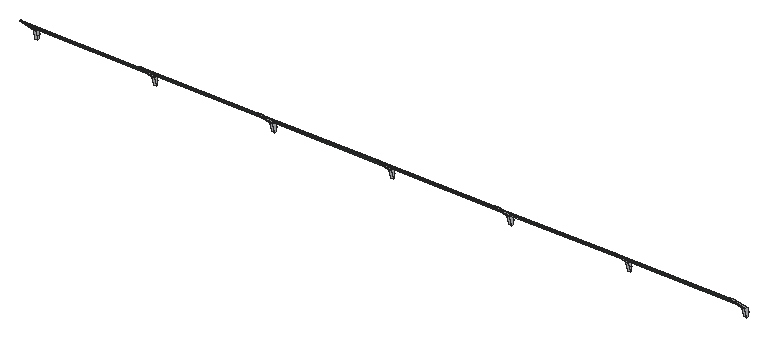
Revit family "Насадки с панелями", category Специальное оборудование, Revit 2019
Family settings
  Размер круглого соединителя = Использовать диаметр
  Тип детали = Нормальный
  При загрузке вырезать с полостями = Нет
  Общий = Нет
  Точка расчета площади = Нет
Parameters (values of type "Насадки L левая")
  Ячейка 50х150 = yes
  Ширина резаной [instance] = if(not(Шаг последней насадки - Отступ панели / 2 > 0 mm), 1 mm, Шаг последней насадки - Отступ панели * 2)  # 2360 mm
  Ширина панели [instance] = 2400 mm
  Ширина 1ой панели [instance] = if([built-in parameter 1001306] < Шаг между насадками, 1 mm, Шаг между насадками - Отступ панели * 2)  # 2400 mm
  Шаг между насадками [instance] = if(Ширина столба > 100 mm, Ширина панели + 40 mm, Ширина панели + Глубина столба)  # 2440 mm
  Тип крепления насадок к панелям [instance] = 3
  Тип крепления насадки к столбу [instance] = 0
  Правая первая [instance] = and(Правая, Видимость 1ой панели)  # no
  Правая = no
  Показать последний [instance] = yes
  Показать первый [instance] = yes
  Шаг последней насадки [instance] = if(if(not([built-in parameter 1001306] > Шаг между насадками), [built-in parameter 1001306], [built-in parameter 1001306] - (rounddown([built-in parameter 1001306] / Шаг между насадками) * Шаг между насадками)) = 0 mm, Шаг между насадками, if(not([built-in parameter 1001306] > Шаг между насадками), [built-in parameter 1001306], [built-in parameter 1001306] - (rounddown([built-in parameter 1001306] / Шаг между насадками) * Шаг между насадками)))  # 2400 mm
  Расчёт ячейки [instance] = if(Ячейка 50х150, 2, 1)  # 2
  Пруток D=6мм [instance] = not(or([Пруток D=4мм], [Пруток D=5мм]))  # no
  Пруток D=5мм [instance] = yes
  Пруток D=4мм [instance] = no
  Показать среднюю насадку [instance] = N панелей = 2  # no
  Отступ панели [instance] = if((Шаг между насадками - Ширина панели) / 2 < 0 mm, 0 mm, (Шаг между насадками - Ширина панели) / 2)  # 20 mm
  Насадка I = no
  Массив правая [instance] = and(Правая, Видимость массива панелей)  # no
  Массив левая [instance] = and(Левая, Видимость массива панелей)  # yes
  Левая первая [instance] = and(Левая, Видимость 1ой панели)  # no
  Левая = yes
  Крепление панелей к насадке скоба 60/80 [instance] = not(Ширина столба < 80 mm)  # no
  Инструкция [instance] = "https://docs.google.com/document/d/1YU2zMc4EH5Wo240p8cADVhto8tMNmUbVgzn2qTnmTt8/edit?usp=sharing"
  Изготовитель = [ADSK_Завод-изготовитель]  # "FENSYS"
  built-in parameter 1001306 [instance] = 14600 mm
  Группа модели = "Насадки"  # constant formula
  Ширина столба [instance] = 60 mm
  Глубина столба [instance] = 40 mm
  Высота панели [instance] = 530 mm
  Расчет D прутка [instance] = if([Пруток D=4мм], 1, if([Пруток D=5мм], 2, 0))  # 2
  Видимость массива насадок [instance] = N панелей > 2  # yes
  Видимость массива панелей [instance] = N панелей > 2  # yes
  Видимость 1ой панели [instance] = N панелей = 2  # no
  Y насадка = and(Левая, Правая)  # no
  URL = "https://www.fensys.ru/oprosnyy-list/"
  N насадок в массиве [instance] = if((N панелей - 1) < 2, 2, N панелей - 1)  # 5
  N панелей в массиве [instance] = if(N панелей > 2, N панелей - 1, 2)  # 5
  N панелей [instance] = if([built-in parameter 1001306] > Шаг между насадками, roundup([built-in parameter 1001306] / Шаг между насадками), 1)  # 6
  ADSK_Размер_Ширина [instance] = Отступ панели * 2  # 40 mm
  ADSK_Размер_Длина [instance] = [built-in parameter 1001306]  # 14600 mm
  ADSK_Наименование = "Насадки на ограждения L-образные"
  ADSK_Завод-изготовитель = "FENSYS"  # constant formula
  ADSK_Единица измерения = "м."  # constant formula
Types (3, lengths in mm): name | Тип крепления насадки к столбу | Правая | Массив правая | Массив левая | Левая | Крепление панелей к насадке скоба 60/80 | Ширина столба | Y насадка | ADSK_Наименование
  Насадки V | 1 | yes | yes | yes | yes | no | 60 | yes | "Насадки на ограждения V-образные"
  Насадки L левая | 0 | no | no | yes | yes | no | 60 | no | "Насадки на ограждения L-образные"
  Насадки L правая | 0 | yes | yes | no | no | yes | 80 | no | "Насадки на ограждения L-образные"
Reference planes
  plane 1 "По центру (Вперед/Назад)": y = 0
  plane 2: z = 0
  plane 3 "Слева": x = 0
  plane 4 "Справа": x = 14600
  plane 5: x = 2440
  plane 6: x = 4880
  plane 7 "ось предпоследнего столба": x = 12200
  plane 8: y = 30
  plane 9: y = -30
Lines and regions (mm)
  reference lines
    curve 1: line (0, 0, 0) -> (14600, 0, 0)
Dimensions and locks
  "built-in parameter 1001306": plane 3 "Слева" to plane 4 "Справа"
  equal spacing: group 1, group 2, group 7, group 8, group 9  (x3)
  "Шаг между насадками": plane 3 "Слева" to plane 5
  "Шаг между насадками": plane 5 to plane 6
  "Шаг последней насадки": plane 7 "ось предпоследнего столба" to plane 4 "Справа"
  "Ширина столба": plane 8 to plane 9
  equal spacing: plane 8, plane 1 "По центру (Вперед/Назад)", plane 9
  plane 3 "Слева" to plane 5 = 2440 mm
  equal spacing: group 3, group 4, group 10, group 11, group 12  (x3)
  equal spacing: group 5, group 6, group 13, group 14, group 15  (x3)
  aligned and locked: plane 4 "Справа" to curve 1
  aligned and locked: plane 1 "По центру (Вперед/Назад)" to curve 1
  aligned and locked: plane 3 "Слева" to curve 1
  aligned and locked: level to plane 2
  aligned and locked: plane 3 "Слева" to nested 1
  aligned and locked: plane 1 "По центру (Вперед/Назад)" to nested 1
  aligned and locked: curve 1 to nested 3
  aligned and locked: plane 4 "Справа" to nested 3
  aligned and locked: plane 5 to nested 4
  aligned and locked: plane 6 to nested 5
  aligned and locked: curve 1 to nested 2
  aligned and locked: plane 5 to nested 2
  aligned and locked: plane 1 "По центру (Вперед/Назад)" to nested 4
  aligned and locked: plane 1 "По центру (Вперед/Назад)" to nested 5
  aligned and locked: plane 1 "По центру (Вперед/Назад)" to nested 3
  aligned and locked: nested 7 to plane 4 "Справа"
  aligned and locked: plane 4 "Справа" to nested 6
  aligned and locked: plane 5 to nested 8
  aligned and locked: nested 9 to plane 5
  aligned and locked: nested 10 to plane 5
  aligned and locked: nested 12 to plane 5
  aligned and locked: nested 12 to plane 9
  aligned and locked: plane 5 to nested 13
  aligned and locked: nested 13 to plane 8
  aligned and locked: plane 9 to nested 12
  aligned and locked: nested 11 to plane 8
  aligned and locked: plane 8 to nested 6
  aligned and locked: nested 10 to plane 9
  aligned and locked: plane 9 to nested 7
  aligned and locked: nested 8 to plane 8
  aligned and locked: nested 9 to plane 9
  aligned and locked: plane 3 "Слева" to nested 11
Nested families
  nested 1: "В_Сборка насадок" at (0, 0, 0), visible <- "Показать первый", Левая <- "Левая", Правая <- "Правая", Глубина столба <- "Ширина столба", Тип крепежа насадок к панелям <- "Тип крепления насадок к панелям", Тип крепления насадок к столбам <- "Тип крепления насадки к столбу", Насадка I ус 510 S2 <- "Насадка I", Y насадка <- "Y насадка", type "Сборка насадок"
    with Ф СББ 500 mm, Тип крепления насадок к столбам 0, Тип крепежа насадок к панелям 3, Смещение СББ 45 mm, СББ no, Правая no, Насадка I ус 510 S2 no, Левая yes, Глубина столба 60 mm, Y насадка no
  nested 2: "В_Сборка насадок" at (2440, 0, 0), visible <- "Показать среднюю насадку", Левая <- "Левая", Правая <- "Правая", Глубина столба <- "Ширина столба", Тип крепежа насадок к панелям <- "Тип крепления насадок к панелям", Тип крепления насадок к столбам <- "Тип крепления насадки к столбу", Насадка I ус 510 S2 <- "Насадка I", Y насадка <- "Y насадка", type "Сборка насадок"
    with Ф СББ 500 mm, Тип крепления насадок к столбам 0, Тип крепежа насадок к панелям 3, Смещение СББ 45 mm, СББ no, Правая no, Насадка I ус 510 S2 no, Левая yes, Глубина столба 60 mm, Y насадка no
  nested 3: "В_Сборка насадок" at (14600, 0, 0), visible <- "Показать последний", Левая <- "Левая", Правая <- "Правая", Глубина столба <- "Ширина столба", Тип крепежа насадок к панелям <- "Тип крепления насадок к панелям", Тип крепления насадок к столбам <- "Тип крепления насадки к столбу", Насадка I ус 510 S2 <- "Насадка I", Y насадка <- "Y насадка", type "Сборка насадок"
    with Ф СББ 500 mm, Тип крепления насадок к столбам 0, Тип крепежа насадок к панелям 3, Смещение СББ 45 mm, СББ no, Правая no, Насадка I ус 510 S2 no, Левая yes, Глубина столба 60 mm, Y насадка no
  nested 4: "В_Сборка насадок" at (2440, 0, 0), visible <- "Видимость массива насадок", Левая <- "Левая", Правая <- "Правая", Глубина столба <- "Ширина столба", Тип крепежа насадок к панелям <- "Тип крепления насадок к панелям", Тип крепления насадок к столбам <- "Тип крепления насадки к столбу", Насадка I ус 510 S2 <- "Насадка I", Y насадка <- "Y насадка", type "Сборка насадок"
    with Ф СББ 500 mm, Тип крепления насадок к столбам 0, Тип крепежа насадок к панелям 3, Смещение СББ 45 mm, СББ no, Правая no, Насадка I ус 510 S2 no, Левая yes, Глубина столба 60 mm, Y насадка no
  nested 5: "В_Сборка насадок" at (4880, 0, 0), visible <- "Видимость массива насадок", Левая <- "Левая", Правая <- "Правая", Глубина столба <- "Ширина столба", Тип крепежа насадок к панелям <- "Тип крепления насадок к панелям", Тип крепления насадок к столбам <- "Тип крепления насадки к столбу", Насадка I ус 510 S2 <- "Насадка I", Y насадка <- "Y насадка", type "Сборка насадок"
    with Ф СББ 500 mm, Тип крепления насадок к столбам 0, Тип крепежа насадок к панелям 3, Смещение СББ 45 mm, СББ no, Правая no, Насадка I ус 510 S2 no, Левая yes, Глубина столба 60 mm, Y насадка no
  nested 6: "В_Панель для насадки" at (13400, 30, -600), ADSK_Размер_Ширина <- "Ширина резаной", ADSK_Размер_Высота <- "Высота панели", visible <- "Правая", Отступ панели <- "Отступ панели", ADSK_Комплект <- "Группа модели", Размер ячейки <- "Расчёт ячейки", Размер прутка <- "Расчет D прутка", type "Панель"
    with Таблица масса "Панель масса", Размер ячейки 2, Размер прутка 2, Отступ панели 20 mm, Крепеж в массиве 2, N крепежа в массиве 1, ADSK_Размер_Ширина 2360 mm, ADSK_Размер_Высота 530 mm, ADSK_Примечание "", ADSK_Обозначение "GUARD-T", ADSK_Наименование "Панель под подрезку", ADSK_Масса 0, ADSK_Комплект "Насадки", ADSK_Код изделия ""
  nested 7: "В_Панель для насадки" at (13400, -30, -600), ADSK_Размер_Ширина <- "Ширина резаной", ADSK_Размер_Высота <- "Высота панели", visible <- "Левая", Отступ панели <- "Отступ панели", ADSK_Комплект <- "Группа модели", Размер ячейки <- "Расчёт ячейки", Размер прутка <- "Расчет D прутка", type "Панель"
    with Таблица масса "Панель масса", Размер ячейки 2, Размер прутка 2, Отступ панели 20 mm, Крепеж в массиве 2, N крепежа в массиве 1, ADSK_Размер_Ширина 2360 mm, ADSK_Размер_Высота 530 mm, ADSK_Примечание "", ADSK_Обозначение "GUARD-T", ADSK_Наименование "Панель под подрезку", ADSK_Масса 0, ADSK_Комплект "Насадки", ADSK_Код изделия ""
  nested 8: "В_Панель для насадки" at (1220, 30, -600), ADSK_Размер_Ширина <- "Ширина 1ой панели", ADSK_Размер_Высота <- "Высота панели", visible <- "Правая первая", Отступ панели <- "Отступ панели", ADSK_Комплект <- "Группа модели", Размер ячейки <- "Расчёт ячейки", Размер прутка <- "Расчет D прутка", type "Панель"
    with Таблица масса "Панель масса", Размер ячейки 2, Размер прутка 2, Отступ панели 20 mm, Крепеж в массиве 2, N крепежа в массиве 1, ADSK_Размер_Ширина 2400 mm, ADSK_Размер_Высота 530 mm, ADSK_Примечание "", ADSK_Обозначение "GUARD-T", ADSK_Наименование "Панель 3D серии GUARD-T: HxW 530x2405 (+-2) мм, пруток D=5 мм, ячейка = 50х150 мм, V-образных изгибов 2", ADSK_Масса 6.48, ADSK_Комплект "Насадки", ADSK_Код изделия "26509"
  nested 9: "В_Панель для насадки" at (1220, -30, -600), ADSK_Размер_Ширина <- "Ширина 1ой панели", ADSK_Размер_Высота <- "Высота панели", visible <- "Левая первая", Отступ панели <- "Отступ панели", ADSK_Комплект <- "Группа модели", Размер ячейки <- "Расчёт ячейки", Размер прутка <- "Расчет D прутка", type "Панель"
    with Таблица масса "Панель масса", Размер ячейки 2, Размер прутка 2, Отступ панели 20 mm, Крепеж в массиве 2, N крепежа в массиве 1, ADSK_Размер_Ширина 2400 mm, ADSK_Размер_Высота 530 mm, ADSK_Примечание "", ADSK_Обозначение "GUARD-T", ADSK_Наименование "Панель 3D серии GUARD-T: HxW 530x2405 (+-2) мм, пруток D=5 мм, ячейка = 50х150 мм, V-образных изгибов 2", ADSK_Масса 6.48, ADSK_Комплект "Насадки", ADSK_Код изделия "26509"
  nested 10: "В_Панель для насадки" at (1220, -30, -600), ADSK_Размер_Ширина <- "Ширина панели", ADSK_Размер_Высота <- "Высота панели", visible <- "Массив левая", Отступ панели <- "Отступ панели", ADSK_Комплект <- "Группа модели", Размер ячейки <- "Расчёт ячейки", Размер прутка <- "Расчет D прутка", type "Панель"
    with Таблица масса "Панель масса", Размер ячейки 2, Размер прутка 2, Отступ панели 20 mm, Крепеж в массиве 2, N крепежа в массиве 1, ADSK_Размер_Ширина 2400 mm, ADSK_Размер_Высота 530 mm, ADSK_Примечание "", ADSK_Обозначение "GUARD-T", ADSK_Наименование "Панель 3D серии GUARD-T: HxW 530x2405 (+-2) мм, пруток D=5 мм, ячейка = 50х150 мм, V-образных изгибов 2", ADSK_Масса 6.48, ADSK_Комплект "Насадки", ADSK_Код изделия "26509"
  nested 11: "В_Панель для насадки" at (1220, 30, -600), ADSK_Размер_Ширина <- "Ширина панели", ADSK_Размер_Высота <- "Высота панели", visible <- "Массив правая", Отступ панели <- "Отступ панели", ADSK_Комплект <- "Группа модели", Размер ячейки <- "Расчёт ячейки", Размер прутка <- "Расчет D прутка", type "Панель"
    with Таблица масса "Панель масса", Размер ячейки 2, Размер прутка 2, Отступ панели 20 mm, Крепеж в массиве 2, N крепежа в массиве 1, ADSK_Размер_Ширина 2400 mm, ADSK_Размер_Высота 530 mm, ADSK_Примечание "", ADSK_Обозначение "GUARD-T", ADSK_Наименование "Панель 3D серии GUARD-T: HxW 530x2405 (+-2) мм, пруток D=5 мм, ячейка = 50х150 мм, V-образных изгибов 2", ADSK_Масса 6.48, ADSK_Комплект "Насадки", ADSK_Код изделия "26509"
  nested 12: "В_Панель для насадки" at (3660, -30, -600), ADSK_Размер_Ширина <- "Ширина панели", ADSK_Размер_Высота <- "Высота панели", visible <- "Массив левая", Отступ панели <- "Отступ панели", ADSK_Комплект <- "Группа модели", Размер ячейки <- "Расчёт ячейки", Размер прутка <- "Расчет D прутка", type "Панель"
    with Таблица масса "Панель масса", Размер ячейки 2, Размер прутка 2, Отступ панели 20 mm, Крепеж в массиве 2, N крепежа в массиве 1, ADSK_Размер_Ширина 2400 mm, ADSK_Размер_Высота 530 mm, ADSK_Примечание "", ADSK_Обозначение "GUARD-T", ADSK_Наименование "Панель 3D серии GUARD-T: HxW 530x2405 (+-2) мм, пруток D=5 мм, ячейка = 50х150 мм, V-образных изгибов 2", ADSK_Масса 6.48, ADSK_Комплект "Насадки", ADSK_Код изделия "26509"
  nested 13: "В_Панель для насадки" at (3660, 30, -600), ADSK_Размер_Ширина <- "Ширина панели", ADSK_Размер_Высота <- "Высота панели", visible <- "Массив правая", Отступ панели <- "Отступ панели", ADSK_Комплект <- "Группа модели", Размер ячейки <- "Расчёт ячейки", Размер прутка <- "Расчет D прутка", type "Панель"
    with Таблица масса "Панель масса", Размер ячейки 2, Размер прутка 2, Отступ панели 20 mm, Крепеж в массиве 2, N крепежа в массиве 1, ADSK_Размер_Ширина 2400 mm, ADSK_Размер_Высота 530 mm, ADSK_Примечание "", ADSK_Обозначение "GUARD-T", ADSK_Наименование "Панель 3D серии GUARD-T: HxW 530x2405 (+-2) мм, пруток D=5 мм, ячейка = 50х150 мм, V-образных изгибов 2", ADSK_Масса 6.48, ADSK_Комплект "Насадки", ADSK_Код изделия "26509"
  nested 14: "В_Сборка насадок" at (7320, 0, 0), visible <- "Видимость массива насадок", Левая <- "Левая", Правая <- "Правая", Глубина столба <- "Ширина столба", Тип крепежа насадок к панелям <- "Тип крепления насадок к панелям", Тип крепления насадок к столбам <- "Тип крепления насадки к столбу", Насадка I ус 510 S2 <- "Насадка I", Y насадка <- "Y насадка", type "Сборка насадок"
    with Ф СББ 500 mm, Тип крепления насадок к столбам 0, Тип крепежа насадок к панелям 3, Смещение СББ 45 mm, СББ no, Правая no, Насадка I ус 510 S2 no, Левая yes, Глубина столба 60 mm, Y насадка no
  nested 15: "В_Сборка насадок" at (9760, 0, 0), visible <- "Видимость массива насадок", Левая <- "Левая", Правая <- "Правая", Глубина столба <- "Ширина столба", Тип крепежа насадок к панелям <- "Тип крепления насадок к панелям", Тип крепления насадок к столбам <- "Тип крепления насадки к столбу", Насадка I ус 510 S2 <- "Насадка I", Y насадка <- "Y насадка", type "Сборка насадок"
    with Ф СББ 500 mm, Тип крепления насадок к столбам 0, Тип крепежа насадок к панелям 3, Смещение СББ 45 mm, СББ no, Правая no, Насадка I ус 510 S2 no, Левая yes, Глубина столба 60 mm, Y насадка no
  nested 16: "В_Сборка насадок" at (12200, 0, 0), visible <- "Видимость массива насадок", Левая <- "Левая", Правая <- "Правая", Глубина столба <- "Ширина столба", Тип крепежа насадок к панелям <- "Тип крепления насадок к панелям", Тип крепления насадок к столбам <- "Тип крепления насадки к столбу", Насадка I ус 510 S2 <- "Насадка I", Y насадка <- "Y насадка", type "Сборка насадок"
    with Ф СББ 500 mm, Тип крепления насадок к столбам 0, Тип крепежа насадок к панелям 3, Смещение СББ 45 mm, СББ no, Правая no, Насадка I ус 510 S2 no, Левая yes, Глубина столба 60 mm, Y насадка no
  nested 17: "В_Панель для насадки" at (6100, -30, -600), ADSK_Размер_Ширина <- "Ширина панели", ADSK_Размер_Высота <- "Высота панели", visible <- "Массив левая", Отступ панели <- "Отступ панели", ADSK_Комплект <- "Группа модели", Размер ячейки <- "Расчёт ячейки", Размер прутка <- "Расчет D прутка", type "Панель"
    with Таблица масса "Панель масса", Размер ячейки 2, Размер прутка 2, Отступ панели 20 mm, Крепеж в массиве 2, N крепежа в массиве 1, ADSK_Размер_Ширина 2400 mm, ADSK_Размер_Высота 530 mm, ADSK_Примечание "", ADSK_Обозначение "GUARD-T", ADSK_Наименование "Панель 3D серии GUARD-T: HxW 530x2405 (+-2) мм, пруток D=5 мм, ячейка = 50х150 мм, V-образных изгибов 2", ADSK_Масса 6.48, ADSK_Комплект "Насадки", ADSK_Код изделия "26509"
  nested 18: "В_Панель для насадки" at (8540, -30, -600), ADSK_Размер_Ширина <- "Ширина панели", ADSK_Размер_Высота <- "Высота панели", visible <- "Массив левая", Отступ панели <- "Отступ панели", ADSK_Комплект <- "Группа модели", Размер ячейки <- "Расчёт ячейки", Размер прутка <- "Расчет D прутка", type "Панель"
    with Таблица масса "Панель масса", Размер ячейки 2, Размер прутка 2, Отступ панели 20 mm, Крепеж в массиве 2, N крепежа в массиве 1, ADSK_Размер_Ширина 2400 mm, ADSK_Размер_Высота 530 mm, ADSK_Примечание "", ADSK_Обозначение "GUARD-T", ADSK_Наименование "Панель 3D серии GUARD-T: HxW 530x2405 (+-2) мм, пруток D=5 мм, ячейка = 50х150 мм, V-образных изгибов 2", ADSK_Масса 6.48, ADSK_Комплект "Насадки", ADSK_Код изделия "26509"
  nested 19: "В_Панель для насадки" at (10980, -30, -600), ADSK_Размер_Ширина <- "Ширина панели", ADSK_Размер_Высота <- "Высота панели", visible <- "Массив левая", Отступ панели <- "Отступ панели", ADSK_Комплект <- "Группа модели", Размер ячейки <- "Расчёт ячейки", Размер прутка <- "Расчет D прутка", type "Панель"
    with Таблица масса "Панель масса", Размер ячейки 2, Размер прутка 2, Отступ панели 20 mm, Крепеж в массиве 2, N крепежа в массиве 1, ADSK_Размер_Ширина 2400 mm, ADSK_Размер_Высота 530 mm, ADSK_Примечание "", ADSK_Обозначение "GUARD-T", ADSK_Наименование "Панель 3D серии GUARD-T: HxW 530x2405 (+-2) мм, пруток D=5 мм, ячейка = 50х150 мм, V-образных изгибов 2", ADSK_Масса 6.48, ADSK_Комплект "Насадки", ADSK_Код изделия "26509"
  nested 20: "В_Панель для насадки" at (6100, 30, -600), ADSK_Размер_Ширина <- "Ширина панели", ADSK_Размер_Высота <- "Высота панели", visible <- "Массив правая", Отступ панели <- "Отступ панели", ADSK_Комплект <- "Группа модели", Размер ячейки <- "Расчёт ячейки", Размер прутка <- "Расчет D прутка", type "Панель"
    with Таблица масса "Панель масса", Размер ячейки 2, Размер прутка 2, Отступ панели 20 mm, Крепеж в массиве 2, N крепежа в массиве 1, ADSK_Размер_Ширина 2400 mm, ADSK_Размер_Высота 530 mm, ADSK_Примечание "", ADSK_Обозначение "GUARD-T", ADSK_Наименование "Панель 3D серии GUARD-T: HxW 530x2405 (+-2) мм, пруток D=5 мм, ячейка = 50х150 мм, V-образных изгибов 2", ADSK_Масса 6.48, ADSK_Комплект "Насадки", ADSK_Код изделия "26509"
  nested 21: "В_Панель для насадки" at (8540, 30, -600), ADSK_Размер_Ширина <- "Ширина панели", ADSK_Размер_Высота <- "Высота панели", visible <- "Массив правая", Отступ панели <- "Отступ панели", ADSK_Комплект <- "Группа модели", Размер ячейки <- "Расчёт ячейки", Размер прутка <- "Расчет D прутка", type "Панель"
    with Таблица масса "Панель масса", Размер ячейки 2, Размер прутка 2, Отступ панели 20 mm, Крепеж в массиве 2, N крепежа в массиве 1, ADSK_Размер_Ширина 2400 mm, ADSK_Размер_Высота 530 mm, ADSK_Примечание "", ADSK_Обозначение "GUARD-T", ADSK_Наименование "Панель 3D серии GUARD-T: HxW 530x2405 (+-2) мм, пруток D=5 мм, ячейка = 50х150 мм, V-образных изгибов 2", ADSK_Масса 6.48, ADSK_Комплект "Насадки", ADSK_Код изделия "26509"
  nested 22: "В_Панель для насадки" at (10980, 30, -600), ADSK_Размер_Ширина <- "Ширина панели", ADSK_Размер_Высота <- "Высота панели", visible <- "Массив правая", Отступ панели <- "Отступ панели", ADSK_Комплект <- "Группа модели", Размер ячейки <- "Расчёт ячейки", Размер прутка <- "Расчет D прутка", type "Панель"
    with Таблица масса "Панель масса", Размер ячейки 2, Размер прутка 2, Отступ панели 20 mm, Крепеж в массиве 2, N крепежа в массиве 1, ADSK_Размер_Ширина 2400 mm, ADSK_Размер_Высота 530 mm, ADSK_Примечание "", ADSK_Обозначение "GUARD-T", ADSK_Наименование "Панель 3D серии GUARD-T: HxW 530x2405 (+-2) мм, пруток D=5 мм, ячейка = 50х150 мм, V-образных изгибов 2", ADSK_Масса 6.48, ADSK_Комплект "Насадки", ADSK_Код изделия "26509"
  nested 23: "В_Крепеж" at (0, 0, -104.228), type "Крепеж"
    with Ширина столба 0 mm, Тип крепежа 0, Путь к таблице "Таблица крепежей", Видимость метизов yes, Y насадка no, ADSK_Обозначение "Крепеж", ADSK_Наименование "Хомут специальный 80", ADSK_Комплект "Насадки", ADSK_Количество 1, ADSK_Код изделия "15515К"
  nested 24: "В_Крепеж" at (2440, 0, -104.228), type "Крепеж"
    with Ширина столба 0 mm, Тип крепежа 0, Путь к таблице "Таблица крепежей", Видимость метизов yes, Y насадка no, ADSK_Обозначение "Крепеж", ADSK_Наименование "Хомут специальный 80", ADSK_Комплект "Насадки", ADSK_Количество 1, ADSK_Код изделия "15515К"
  nested 25: "В_Крепеж" at (14600, 0, -104.228), type "Крепеж"
    with Ширина столба 0 mm, Тип крепежа 0, Путь к таблице "Таблица крепежей", Видимость метизов yes, Y насадка no, ADSK_Обозначение "Крепеж", ADSK_Наименование "Хомут специальный 80", ADSK_Комплект "Насадки", ADSK_Количество 1, ADSK_Код изделия "15515К"
  nested 26: "В_Крепеж" at (12200, 0, -104.228), type "Крепеж"
    with Ширина столба 0 mm, Тип крепежа 0, Путь к таблице "Таблица крепежей", Видимость метизов yes, Y насадка no, ADSK_Обозначение "Крепеж", ADSK_Наименование "Хомут специальный 80", ADSK_Комплект "Насадки", ADSK_Количество 1, ADSK_Код изделия "15515К"
  nested 27: "В_Крепеж" at (2440, 0, -104.228), type "Крепеж"
    with Ширина столба 0 mm, Тип крепежа 0, Путь к таблице "Таблица крепежей", Видимость метизов yes, Y насадка no, ADSK_Обозначение "Крепеж", ADSK_Наименование "Хомут специальный 80", ADSK_Комплект "Насадки", ADSK_Количество 1, ADSK_Код изделия "15515К"
  nested 28: "В_Крепеж" at (4880, 0, -104.228), type "Крепеж"
    with Ширина столба 0 mm, Тип крепежа 0, Путь к таблице "Таблица крепежей", Видимость метизов yes, Y насадка no, ADSK_Обозначение "Крепеж", ADSK_Наименование "Хомут специальный 80", ADSK_Комплект "Насадки", ADSK_Количество 1, ADSK_Код изделия "15515К"
  nested 29: "В_Крепеж" at (7320, 0, -104.228), type "Крепеж"
    with Ширина столба 0 mm, Тип крепежа 0, Путь к таблице "Таблица крепежей", Видимость метизов yes, Y насадка no, ADSK_Обозначение "Крепеж", ADSK_Наименование "Хомут специальный 80", ADSK_Комплект "Насадки", ADSK_Количество 1, ADSK_Код изделия "15515К"
  nested 30: "В_Крепеж" at (9760, 0, -104.228), type "Крепеж"
    with Ширина столба 0 mm, Тип крепежа 0, Путь к таблице "Таблица крепежей", Видимость метизов yes, Y насадка no, ADSK_Обозначение "Крепеж", ADSK_Наименование "Хомут специальный 80", ADSK_Комплект "Насадки", ADSK_Количество 1, ADSK_Код изделия "15515К"
  nested 31: "В_Крепеж" at (0, 0, -104.228), type "Крепеж"
    with Ширина столба 0 mm, Тип крепежа 0, Путь к таблице "Таблица крепежей", Видимость метизов yes, Y насадка no, ADSK_Обозначение "Крепеж", ADSK_Наименование "Хомут специальный 80", ADSK_Комплект "Насадки", ADSK_Количество 1, ADSK_Код изделия "15515К"
  nested 32: "В_Крепеж" at (2440, 0, -104.228), type "Крепеж"
    with Ширина столба 0 mm, Тип крепежа 0, Путь к таблице "Таблица крепежей", Видимость метизов yes, Y насадка no, ADSK_Обозначение "Крепеж", ADSK_Наименование "Хомут специальный 80", ADSK_Комплект "Насадки", ADSK_Количество 1, ADSK_Код изделия "15515К"
  nested 33: "В_Крепеж" at (14600, 0, -104.228), type "Крепеж"
    with Ширина столба 0 mm, Тип крепежа 0, Путь к таблице "Таблица крепежей", Видимость метизов yes, Y насадка no, ADSK_Обозначение "Крепеж", ADSK_Наименование "Хомут специальный 80", ADSK_Комплект "Насадки", ADSK_Количество 1, ADSK_Код изделия "15515К"
  nested 34: "В_Крепеж" at (4880, 0, -104.228), type "Крепеж"
    with Ширина столба 0 mm, Тип крепежа 0, Путь к таблице "Таблица крепежей", Видимость метизов yes, Y насадка no, ADSK_Обозначение "Крепеж", ADSK_Наименование "Хомут специальный 80", ADSK_Комплект "Насадки", ADSK_Количество 1, ADSK_Код изделия "15515К"
  nested 35: "В_Метизы" at (20, 0, -104.228), type "Метизы"
    with Тип крепежа 0, Путь к таблице "Таблица метизов", ADSK_Наименование "Комплект крепежных элементов для хомута", ADSK_Комплект "Насадки", ADSK_Количество 1, ADSK_Код изделия "8920"
  nested 36: "В_Метизы" at (20, 0, -104.228), type "Метизы"
    with Тип крепежа 0, Путь к таблице "Таблица метизов", ADSK_Наименование "Комплект крепежных элементов для хомута", ADSK_Комплект "Насадки", ADSK_Количество 1, ADSK_Код изделия "8920"
  nested 37: "В_Метизы" at (2460, 0, -104.228), type "Метизы"
    with Тип крепежа 0, Путь к таблице "Таблица метизов", ADSK_Наименование "Комплект крепежных элементов для хомута", ADSK_Комплект "Насадки", ADSK_Количество 1, ADSK_Код изделия "8920"
  nested 38: "В_Метизы" at (2460, 0, -104.228), type "Метизы"
    with Тип крепежа 0, Путь к таблице "Таблица метизов", ADSK_Наименование "Комплект крепежных элементов для хомута", ADSK_Комплект "Насадки", ADSK_Количество 1, ADSK_Код изделия "8920"
  nested 39: "В_Метизы" at (14620, 0, -104.228), type "Метизы"
    with Тип крепежа 0, Путь к таблице "Таблица метизов", ADSK_Наименование "Комплект крепежных элементов для хомута", ADSK_Комплект "Насадки", ADSK_Количество 1, ADSK_Код изделия "8920"
  nested 40: "В_Метизы" at (14620, 0, -104.228), type "Метизы"
    with Тип крепежа 0, Путь к таблице "Таблица метизов", ADSK_Наименование "Комплект крепежных элементов для хомута", ADSK_Комплект "Насадки", ADSK_Количество 1, ADSK_Код изделия "8920"
  nested 41: "В_Метизы" at (4900, 0, -104.228), type "Метизы"
    with Тип крепежа 0, Путь к таблице "Таблица метизов", ADSK_Наименование "Комплект крепежных элементов для хомута", ADSK_Комплект "Насадки", ADSK_Количество 1, ADSK_Код изделия "8920"
  nested 42: "В_Метизы" at (4900, 0, -104.228), type "Метизы"
    with Тип крепежа 0, Путь к таблице "Таблица метизов", ADSK_Наименование "Комплект крепежных элементов для хомута", ADSK_Комплект "Насадки", ADSK_Количество 1, ADSK_Код изделия "8920"
  nested 43: "В_Крепеж" at (2440, 0, -104.228), type "Крепеж"
    with Ширина столба 0 mm, Тип крепежа 0, Путь к таблице "Таблица крепежей", Видимость метизов yes, Y насадка no, ADSK_Обозначение "Крепеж", ADSK_Наименование "Хомут специальный 80", ADSK_Комплект "Насадки", ADSK_Количество 1, ADSK_Код изделия "15515К"
  nested 44: "В_Метизы" at (2460, 0, -104.228), type "Метизы"
    with Тип крепежа 0, Путь к таблице "Таблица метизов", ADSK_Наименование "Комплект крепежных элементов для хомута", ADSK_Комплект "Насадки", ADSK_Количество 1, ADSK_Код изделия "8920"
  nested 45: "В_Метизы" at (2460, 0, -104.228), type "Метизы"
    with Тип крепежа 0, Путь к таблице "Таблица метизов", ADSK_Наименование "Комплект крепежных элементов для хомута", ADSK_Комплект "Насадки", ADSK_Количество 1, ADSK_Код изделия "8920"
  nested 46: "В_Крепеж" at (7320, 0, -104.228), type "Крепеж"
    with Ширина столба 0 mm, Тип крепежа 0, Путь к таблице "Таблица крепежей", Видимость метизов yes, Y насадка no, ADSK_Обозначение "Крепеж", ADSK_Наименование "Хомут специальный 80", ADSK_Комплект "Насадки", ADSK_Количество 1, ADSK_Код изделия "15515К"
  nested 47: "В_Метизы" at (7340, 0, -104.228), type "Метизы"
    with Тип крепежа 0, Путь к таблице "Таблица метизов", ADSK_Наименование "Комплект крепежных элементов для хомута", ADSK_Комплект "Насадки", ADSK_Количество 1, ADSK_Код изделия "8920"
  nested 48: "В_Метизы" at (7340, 0, -104.228), type "Метизы"
    with Тип крепежа 0, Путь к таблице "Таблица метизов", ADSK_Наименование "Комплект крепежных элементов для хомута", ADSK_Комплект "Насадки", ADSK_Количество 1, ADSK_Код изделия "8920"
  nested 49: "В_Крепеж" at (9760, 0, -104.228), type "Крепеж"
    with Ширина столба 0 mm, Тип крепежа 0, Путь к таблице "Таблица крепежей", Видимость метизов yes, Y насадка no, ADSK_Обозначение "Крепеж", ADSK_Наименование "Хомут специальный 80", ADSK_Комплект "Насадки", ADSK_Количество 1, ADSK_Код изделия "15515К"
  nested 50: "В_Метизы" at (9780, 0, -104.228), type "Метизы"
    with Тип крепежа 0, Путь к таблице "Таблица метизов", ADSK_Наименование "Комплект крепежных элементов для хомута", ADSK_Комплект "Насадки", ADSK_Количество 1, ADSK_Код изделия "8920"
  nested 51: "В_Метизы" at (9780, 0, -104.228), type "Метизы"
    with Тип крепежа 0, Путь к таблице "Таблица метизов", ADSK_Наименование "Комплект крепежных элементов для хомута", ADSK_Комплект "Насадки", ADSK_Количество 1, ADSK_Код изделия "8920"
  nested 52: "В_Крепеж" at (12200, 0, -104.228), type "Крепеж"
    with Ширина столба 0 mm, Тип крепежа 0, Путь к таблице "Таблица крепежей", Видимость метизов yes, Y насадка no, ADSK_Обозначение "Крепеж", ADSK_Наименование "Хомут специальный 80", ADSK_Комплект "Насадки", ADSK_Количество 1, ADSK_Код изделия "15515К"
  nested 53: "В_Метизы" at (12220, 0, -104.228), type "Метизы"
    with Тип крепежа 0, Путь к таблице "Таблица метизов", ADSK_Наименование "Комплект крепежных элементов для хомута", ADSK_Комплект "Насадки", ADSK_Количество 1, ADSK_Код изделия "8920"
  nested 54: "В_Метизы" at (12220, 0, -104.228), type "Метизы"
    with Тип крепежа 0, Путь к таблице "Таблица метизов", ADSK_Наименование "Комплект крепежных элементов для хомута", ADSK_Комплект "Насадки", ADSK_Количество 1, ADSK_Код изделия "8920"
  nested 55: "В_Насадка L" at (0, -30, -175), type "Насадка"
    with Насадка L ус 510 yes, ADSK_Обозначение "", ADSK_Наименование "Насадка L ус 510", ADSK_Масса 1.17, ADSK_Комплект "Насадки", ADSK_Код изделия "8928", ADSK_Завод-изготовитель "FENSYS", ADSK_Единица измерения "шт."
  nested 56: "В_Крепеж" at (0, -32.5, -4.311), type "Крепеж"
    with Ширина столба 0 mm, Тип крепежа 3, Путь к таблице "Таблица крепежей", Видимость метизов yes, Y насадка no, ADSK_Обозначение "Крепеж", ADSK_Наименование "Скоба усиленная под столбы 60х60/80/90", ADSK_Комплект "Насадки", ADSK_Количество 1, ADSK_Код изделия "8900K"
  nested 57: "В_Крепеж" at (0, -32.5, -61.301), type "Крепеж"
    with Ширина столба 0 mm, Тип крепежа 3, Путь к таблице "Таблица крепежей", Видимость метизов yes, Y насадка no, ADSK_Обозначение "Крепеж", ADSK_Наименование "Скоба усиленная под столбы 60х60/80/90", ADSK_Комплект "Насадки", ADSK_Количество 1, ADSK_Код изделия "8900K"
  nested 58: "В_Метизы" at (20, -32.5, -4.311), type "Метизы"
    with Тип крепежа 3, Путь к таблице "Таблица метизов", ADSK_Наименование "Комплект метизов \"В\" для крепления \"Усиленной\" скобы из нержавеющей стали  (Винт М8х25 DIN 912 А2-70 - 4 шт., Шайба D8 DIN 125 А2-70 - 4 шт.,Шайба 8 DIN 127 нерж.- 4 шт. )", ADSK_Комплект "Насадки", ADSK_Количество 1, ADSK_Код изделия "8869"
  nested 59: "В_Метизы" at (20, -32.5, -61.301), type "Метизы"
    with Тип крепежа 3, Путь к таблице "Таблица метизов", ADSK_Наименование "Комплект метизов \"В\" для крепления \"Усиленной\" скобы из нержавеющей стали  (Винт М8х25 DIN 912 А2-70 - 4 шт., Шайба D8 DIN 125 А2-70 - 4 шт.,Шайба 8 DIN 127 нерж.- 4 шт. )", ADSK_Комплект "Насадки", ADSK_Количество 1, ADSK_Код изделия "8869"
  nested 60: "В_Насадка L" at (2440, -30, -175), type "Насадка"
    with Насадка L ус 510 yes, ADSK_Обозначение "", ADSK_Наименование "Насадка L ус 510", ADSK_Масса 1.17, ADSK_Комплект "Насадки", ADSK_Код изделия "8928", ADSK_Завод-изготовитель "FENSYS", ADSK_Единица измерения "шт."
  nested 61: "В_Крепеж" at (2440, -32.5, -4.311), type "Крепеж"
    with Ширина столба 0 mm, Тип крепежа 3, Путь к таблице "Таблица крепежей", Видимость метизов yes, Y насадка no, ADSK_Обозначение "Крепеж", ADSK_Наименование "Скоба усиленная под столбы 60х60/80/90", ADSK_Комплект "Насадки", ADSK_Количество 1, ADSK_Код изделия "8900K"
  nested 62: "В_Крепеж" at (2440, -32.5, -61.301), type "Крепеж"
    with Ширина столба 0 mm, Тип крепежа 3, Путь к таблице "Таблица крепежей", Видимость метизов yes, Y насадка no, ADSK_Обозначение "Крепеж", ADSK_Наименование "Скоба усиленная под столбы 60х60/80/90", ADSK_Комплект "Насадки", ADSK_Количество 1, ADSK_Код изделия "8900K"
  nested 63: "В_Метизы" at (2460, -32.5, -4.311), type "Метизы"
    with Тип крепежа 3, Путь к таблице "Таблица метизов", ADSK_Наименование "Комплект метизов \"В\" для крепления \"Усиленной\" скобы из нержавеющей стали  (Винт М8х25 DIN 912 А2-70 - 4 шт., Шайба D8 DIN 125 А2-70 - 4 шт.,Шайба 8 DIN 127 нерж.- 4 шт. )", ADSK_Комплект "Насадки", ADSK_Количество 1, ADSK_Код изделия "8869"
  nested 64: "В_Метизы" at (2460, -32.5, -61.301), type "Метизы"
    with Тип крепежа 3, Путь к таблице "Таблица метизов", ADSK_Наименование "Комплект метизов \"В\" для крепления \"Усиленной\" скобы из нержавеющей стали  (Винт М8х25 DIN 912 А2-70 - 4 шт., Шайба D8 DIN 125 А2-70 - 4 шт.,Шайба 8 DIN 127 нерж.- 4 шт. )", ADSK_Комплект "Насадки", ADSK_Количество 1, ADSK_Код изделия "8869"
  nested 65: "В_Насадка L" at (14600, -30, -175), type "Насадка"
    with Насадка L ус 510 yes, ADSK_Обозначение "", ADSK_Наименование "Насадка L ус 510", ADSK_Масса 1.17, ADSK_Комплект "Насадки", ADSK_Код изделия "8928", ADSK_Завод-изготовитель "FENSYS", ADSK_Единица измерения "шт."
  nested 66: "В_Крепеж" at (14600, -32.5, -4.311), type "Крепеж"
    with Ширина столба 0 mm, Тип крепежа 3, Путь к таблице "Таблица крепежей", Видимость метизов yes, Y насадка no, ADSK_Обозначение "Крепеж", ADSK_Наименование "Скоба усиленная под столбы 60х60/80/90", ADSK_Комплект "Насадки", ADSK_Количество 1, ADSK_Код изделия "8900K"
  nested 67: "В_Крепеж" at (14600, -32.5, -61.301), type "Крепеж"
    with Ширина столба 0 mm, Тип крепежа 3, Путь к таблице "Таблица крепежей", Видимость метизов yes, Y насадка no, ADSK_Обозначение "Крепеж", ADSK_Наименование "Скоба усиленная под столбы 60х60/80/90", ADSK_Комплект "Насадки", ADSK_Количество 1, ADSK_Код изделия "8900K"
  nested 68: "В_Метизы" at (14620, -32.5, -4.311), type "Метизы"
    with Тип крепежа 3, Путь к таблице "Таблица метизов", ADSK_Наименование "Комплект метизов \"В\" для крепления \"Усиленной\" скобы из нержавеющей стали  (Винт М8х25 DIN 912 А2-70 - 4 шт., Шайба D8 DIN 125 А2-70 - 4 шт.,Шайба 8 DIN 127 нерж.- 4 шт. )", ADSK_Комплект "Насадки", ADSK_Количество 1, ADSK_Код изделия "8869"
  nested 69: "В_Метизы" at (14620, -32.5, -61.301), type "Метизы"
    with Тип крепежа 3, Путь к таблице "Таблица метизов", ADSK_Наименование "Комплект метизов \"В\" для крепления \"Усиленной\" скобы из нержавеющей стали  (Винт М8х25 DIN 912 А2-70 - 4 шт., Шайба D8 DIN 125 А2-70 - 4 шт.,Шайба 8 DIN 127 нерж.- 4 шт. )", ADSK_Комплект "Насадки", ADSK_Количество 1, ADSK_Код изделия "8869"
  nested 70: "В_Насадка L" at (12200, -30, -175), type "Насадка"
    with Насадка L ус 510 yes, ADSK_Обозначение "", ADSK_Наименование "Насадка L ус 510", ADSK_Масса 1.17, ADSK_Комплект "Насадки", ADSK_Код изделия "8928", ADSK_Завод-изготовитель "FENSYS", ADSK_Единица измерения "шт."
  nested 71: "В_Крепеж" at (12200, -32.5, -4.311), type "Крепеж"
    with Ширина столба 0 mm, Тип крепежа 3, Путь к таблице "Таблица крепежей", Видимость метизов yes, Y насадка no, ADSK_Обозначение "Крепеж", ADSK_Наименование "Скоба усиленная под столбы 60х60/80/90", ADSK_Комплект "Насадки", ADSK_Количество 1, ADSK_Код изделия "8900K"
  nested 72: "В_Крепеж" at (12200, -32.5, -61.301), type "Крепеж"
    with Ширина столба 0 mm, Тип крепежа 3, Путь к таблице "Таблица крепежей", Видимость метизов yes, Y насадка no, ADSK_Обозначение "Крепеж", ADSK_Наименование "Скоба усиленная под столбы 60х60/80/90", ADSK_Комплект "Насадки", ADSK_Количество 1, ADSK_Код изделия "8900K"
  nested 73: "В_Метизы" at (12220, -32.5, -4.311), type "Метизы"
    with Тип крепежа 3, Путь к таблице "Таблица метизов", ADSK_Наименование "Комплект метизов \"В\" для крепления \"Усиленной\" скобы из нержавеющей стали  (Винт М8х25 DIN 912 А2-70 - 4 шт., Шайба D8 DIN 125 А2-70 - 4 шт.,Шайба 8 DIN 127 нерж.- 4 шт. )", ADSK_Комплект "Насадки", ADSK_Количество 1, ADSK_Код изделия "8869"
  nested 74: "В_Метизы" at (12220, -32.5, -61.301), type "Метизы"
    with Тип крепежа 3, Путь к таблице "Таблица метизов", ADSK_Наименование "Комплект метизов \"В\" для крепления \"Усиленной\" скобы из нержавеющей стали  (Винт М8х25 DIN 912 А2-70 - 4 шт., Шайба D8 DIN 125 А2-70 - 4 шт.,Шайба 8 DIN 127 нерж.- 4 шт. )", ADSK_Комплект "Насадки", ADSK_Количество 1, ADSK_Код изделия "8869"
  nested 75: "В_Насадка L" at (2440, -30, -175), type "Насадка"
    with Насадка L ус 510 yes, ADSK_Обозначение "", ADSK_Наименование "Насадка L ус 510", ADSK_Масса 1.17, ADSK_Комплект "Насадки", ADSK_Код изделия "8928", ADSK_Завод-изготовитель "FENSYS", ADSK_Единица измерения "шт."
  nested 76: "В_Крепеж" at (2440, -32.5, -4.311), type "Крепеж"
    with Ширина столба 0 mm, Тип крепежа 3, Путь к таблице "Таблица крепежей", Видимость метизов yes, Y насадка no, ADSK_Обозначение "Крепеж", ADSK_Наименование "Скоба усиленная под столбы 60х60/80/90", ADSK_Комплект "Насадки", ADSK_Количество 1, ADSK_Код изделия "8900K"
  nested 77: "В_Крепеж" at (2440, -32.5, -61.301), type "Крепеж"
    with Ширина столба 0 mm, Тип крепежа 3, Путь к таблице "Таблица крепежей", Видимость метизов yes, Y насадка no, ADSK_Обозначение "Крепеж", ADSK_Наименование "Скоба усиленная под столбы 60х60/80/90", ADSK_Комплект "Насадки", ADSK_Количество 1, ADSK_Код изделия "8900K"
  nested 78: "В_Метизы" at (2460, -32.5, -4.311), type "Метизы"
    with Тип крепежа 3, Путь к таблице "Таблица метизов", ADSK_Наименование "Комплект метизов \"В\" для крепления \"Усиленной\" скобы из нержавеющей стали  (Винт М8х25 DIN 912 А2-70 - 4 шт., Шайба D8 DIN 125 А2-70 - 4 шт.,Шайба 8 DIN 127 нерж.- 4 шт. )", ADSK_Комплект "Насадки", ADSK_Количество 1, ADSK_Код изделия "8869"
  nested 79: "В_Метизы" at (2460, -32.5, -61.301), type "Метизы"
    with Тип крепежа 3, Путь к таблице "Таблица метизов", ADSK_Наименование "Комплект метизов \"В\" для крепления \"Усиленной\" скобы из нержавеющей стали  (Винт М8х25 DIN 912 А2-70 - 4 шт., Шайба D8 DIN 125 А2-70 - 4 шт.,Шайба 8 DIN 127 нерж.- 4 шт. )", ADSK_Комплект "Насадки", ADSK_Количество 1, ADSK_Код изделия "8869"
  nested 80: "В_Насадка L" at (4880, -30, -175), type "Насадка"
    with Насадка L ус 510 yes, ADSK_Обозначение "", ADSK_Наименование "Насадка L ус 510", ADSK_Масса 1.17, ADSK_Комплект "Насадки", ADSK_Код изделия "8928", ADSK_Завод-изготовитель "FENSYS", ADSK_Единица измерения "шт."
  nested 81: "В_Крепеж" at (4880, -32.5, -4.311), type "Крепеж"
    with Ширина столба 0 mm, Тип крепежа 3, Путь к таблице "Таблица крепежей", Видимость метизов yes, Y насадка no, ADSK_Обозначение "Крепеж", ADSK_Наименование "Скоба усиленная под столбы 60х60/80/90", ADSK_Комплект "Насадки", ADSK_Количество 1, ADSK_Код изделия "8900K"
  nested 82: "В_Крепеж" at (4880, -32.5, -61.301), type "Крепеж"
    with Ширина столба 0 mm, Тип крепежа 3, Путь к таблице "Таблица крепежей", Видимость метизов yes, Y насадка no, ADSK_Обозначение "Крепеж", ADSK_Наименование "Скоба усиленная под столбы 60х60/80/90", ADSK_Комплект "Насадки", ADSK_Количество 1, ADSK_Код изделия "8900K"
  nested 83: "В_Метизы" at (4900, -32.5, -4.311), type "Метизы"
    with Тип крепежа 3, Путь к таблице "Таблица метизов", ADSK_Наименование "Комплект метизов \"В\" для крепления \"Усиленной\" скобы из нержавеющей стали  (Винт М8х25 DIN 912 А2-70 - 4 шт., Шайба D8 DIN 125 А2-70 - 4 шт.,Шайба 8 DIN 127 нерж.- 4 шт. )", ADSK_Комплект "Насадки", ADSK_Количество 1, ADSK_Код изделия "8869"
  nested 84: "В_Метизы" at (4900, -32.5, -61.301), type "Метизы"
    with Тип крепежа 3, Путь к таблице "Таблица метизов", ADSK_Наименование "Комплект метизов \"В\" для крепления \"Усиленной\" скобы из нержавеющей стали  (Винт М8х25 DIN 912 А2-70 - 4 шт., Шайба D8 DIN 125 А2-70 - 4 шт.,Шайба 8 DIN 127 нерж.- 4 шт. )", ADSK_Комплект "Насадки", ADSK_Количество 1, ADSK_Код изделия "8869"
  nested 85: "В_Насадка L" at (7320, -30, -175), type "Насадка"
    with Насадка L ус 510 yes, ADSK_Обозначение "", ADSK_Наименование "Насадка L ус 510", ADSK_Масса 1.17, ADSK_Комплект "Насадки", ADSK_Код изделия "8928", ADSK_Завод-изготовитель "FENSYS", ADSK_Единица измерения "шт."
  nested 86: "В_Крепеж" at (7320, -32.5, -4.311), type "Крепеж"
    with Ширина столба 0 mm, Тип крепежа 3, Путь к таблице "Таблица крепежей", Видимость метизов yes, Y насадка no, ADSK_Обозначение "Крепеж", ADSK_Наименование "Скоба усиленная под столбы 60х60/80/90", ADSK_Комплект "Насадки", ADSK_Количество 1, ADSK_Код изделия "8900K"
  nested 87: "В_Крепеж" at (7320, -32.5, -61.301), type "Крепеж"
    with Ширина столба 0 mm, Тип крепежа 3, Путь к таблице "Таблица крепежей", Видимость метизов yes, Y насадка no, ADSK_Обозначение "Крепеж", ADSK_Наименование "Скоба усиленная под столбы 60х60/80/90", ADSK_Комплект "Насадки", ADSK_Количество 1, ADSK_Код изделия "8900K"
  nested 88: "В_Метизы" at (7340, -32.5, -4.311), type "Метизы"
    with Тип крепежа 3, Путь к таблице "Таблица метизов", ADSK_Наименование "Комплект метизов \"В\" для крепления \"Усиленной\" скобы из нержавеющей стали  (Винт М8х25 DIN 912 А2-70 - 4 шт., Шайба D8 DIN 125 А2-70 - 4 шт.,Шайба 8 DIN 127 нерж.- 4 шт. )", ADSK_Комплект "Насадки", ADSK_Количество 1, ADSK_Код изделия "8869"
  nested 89: "В_Метизы" at (7340, -32.5, -61.301), type "Метизы"
    with Тип крепежа 3, Путь к таблице "Таблица метизов", ADSK_Наименование "Комплект метизов \"В\" для крепления \"Усиленной\" скобы из нержавеющей стали  (Винт М8х25 DIN 912 А2-70 - 4 шт., Шайба D8 DIN 125 А2-70 - 4 шт.,Шайба 8 DIN 127 нерж.- 4 шт. )", ADSK_Комплект "Насадки", ADSK_Количество 1, ADSK_Код изделия "8869"
  nested 90: "В_Насадка L" at (9760, -30, -175), type "Насадка"
    with Насадка L ус 510 yes, ADSK_Обозначение "", ADSK_Наименование "Насадка L ус 510", ADSK_Масса 1.17, ADSK_Комплект "Насадки", ADSK_Код изделия "8928", ADSK_Завод-изготовитель "FENSYS", ADSK_Единица измерения "шт."
  nested 91: "В_Крепеж" at (9760, -32.5, -4.311), type "Крепеж"
    with Ширина столба 0 mm, Тип крепежа 3, Путь к таблице "Таблица крепежей", Видимость метизов yes, Y насадка no, ADSK_Обозначение "Крепеж", ADSK_Наименование "Скоба усиленная под столбы 60х60/80/90", ADSK_Комплект "Насадки", ADSK_Количество 1, ADSK_Код изделия "8900K"
  nested 92: "В_Крепеж" at (9760, -32.5, -61.301), type "Крепеж"
    with Ширина столба 0 mm, Тип крепежа 3, Путь к таблице "Таблица крепежей", Видимость метизов yes, Y насадка no, ADSK_Обозначение "Крепеж", ADSK_Наименование "Скоба усиленная под столбы 60х60/80/90", ADSK_Комплект "Насадки", ADSK_Количество 1, ADSK_Код изделия "8900K"
  nested 93: "В_Метизы" at (9780, -32.5, -4.311), type "Метизы"
    with Тип крепежа 3, Путь к таблице "Таблица метизов", ADSK_Наименование "Комплект метизов \"В\" для крепления \"Усиленной\" скобы из нержавеющей стали  (Винт М8х25 DIN 912 А2-70 - 4 шт., Шайба D8 DIN 125 А2-70 - 4 шт.,Шайба 8 DIN 127 нерж.- 4 шт. )", ADSK_Комплект "Насадки", ADSK_Количество 1, ADSK_Код изделия "8869"
  nested 94: "В_Метизы" at (9780, -32.5, -61.301), type "Метизы"
    with Тип крепежа 3, Путь к таблице "Таблица метизов", ADSK_Наименование "Комплект метизов \"В\" для крепления \"Усиленной\" скобы из нержавеющей стали  (Винт М8х25 DIN 912 А2-70 - 4 шт., Шайба D8 DIN 125 А2-70 - 4 шт.,Шайба 8 DIN 127 нерж.- 4 шт. )", ADSK_Комплект "Насадки", ADSK_Количество 1, ADSK_Код изделия "8869"
Definition of nested family "В_Панель для насадки"
  Parameters (values of type "Панель")
    Толщина панели = 8 mm
    Таблица масса [instance] = "Панель масса"  # constant formula
    Размер ячейки [instance] = 1
    Размер прутка [instance] = 0
    Таблица поиска = "Панель имя"  # constant formula
    Отступ панели [instance] = 50 mm
    Default Elevation = 1219.2 mm
    Крепеж в массиве [instance] = if(ADSK_Размер_Высота < 3030 mm, if(N крепежа в массиве < 2, 2, N крепежа в массиве), 5)  # 2
    Manufacturer = [ADSK_Завод-изготовитель]  # "FENSYS"
    URL = "https://www.fensys.ru/produkciya/3d-zabory.html"
    N крепежа в массиве [instance] = rounddown(ADSK_Размер_Высота / 485 mm)  # 2
    ADSK_Размер_Ширина [instance] = 2500 mm
    ADSK_Размер_Высота [instance] = 1030 mm
    ADSK_Примечание [instance] = ""
    ADSK_Обозначение [instance] = if(Размер ячейки = 1, "GUARD-G", if(Размер ячейки = 2, "GUARD-T", "GUARD"))  # "GUARD-G"
    ADSK_Наименование [instance] = size_lookup(Таблица поиска, "", "Панель под подрезку", ADSK_Размер_Ширина, ADSK_Размер_Высота, Размер ячейки, Размер прутка)  # "Панель 3D серии GUARD-G: HxW 1030x2506 (+-2) мм, пруток D=6 мм, ячейка = 50х100 мм, V-образных изгибов 2"
    ADSK_Материал = none
    ADSK_Масса [instance] = size_lookup(Таблица масса, "ADSK_Масса", 0, ADSK_Размер_Ширина, ADSK_Размер_Высота, Размер ячейки, Размер прутка)  # 18.36
    ADSK_Комплект [instance] = ""
    ADSK_Количество = 1
    ADSK_Код изделия [instance] = size_lookup(Таблица поиска, "ADSK_Код изделия", "", ADSK_Размер_Ширина, ADSK_Размер_Высота, Размер ячейки, Размер прутка)  # "16122N"
    ADSK_Завод-изготовитель = "FENSYS"  # constant formula
    ADSK_Единица измерения = "шт."  # constant formula
  Reference planes
    plane 1 "По центру (Вперед/Назад)": y = 0
    plane 2 "Низ панели": z = 0
    plane 3 "По центру (Влево/Вправо)": x = 0
    plane 4: x = -1300
    plane 5: through (4267.2, 984.155, 1783.88) normal (0, 0.7655, 0.6435)
    plane 6: through (4267.2, -99.102, 873.307) normal (0, 0.7655, 0.6435)
    plane 7: through (4267.2, 536.309, 1407.426) normal (0, 0.7655, 0.6435)
    plane 8: through (4267.2, 21.057, 668.196) normal (0, 0.7655, 0.6435)
    plane 9: through (4267.2, 82.296, 719.673) normal (0, 0.7655, 0.6435)
    plane 10: through (4267.2, 717.707, 1253.792) normal (0, 0.7655, 0.6435)
    plane 11: through (4267.2, 656.468, 1202.315) normal (0, 0.7655, 0.6435)
    plane 12: through (4267.2, 519.827, 992.544) normal (0, 0.6435, -0.7655)
    plane 13: z = 1030
    plane 14: x = -1250
    plane 15: x = 1250
    plane 16: x = 1300
    plane 17: through (4267.2, 789.709, 1261.259) normal (0, -0.7655, -0.6435)
    plane 18: through (4267.2, 0, 600) normal (0, 0.7655, 0.6435)
  Forms (mm)
    Extrusion 1, solid, material <- "ADSK_Материал"
      sketch origin (0, 2.574, 596.938) x (0, 0.643456, -0.765483) y (0, 0.765483, 0.643456)
        loop
          line (-4, 1030) -> (-4, 970.079) -> (22, 930.079) -> (-4, 890.079) -> (-4, 140) -> (22, 100) -> (-4, 60) -> (-4, 0) -> (4, 0) -> (4, 60) -> (30, 100) -> (4, 140) -> (4, 890.079) -> (30, 930.079) -> (4, 970.079) -> (4, 1030) -> (-4, 1030)
      from -1250 to 1250
  Dimensions and locks
    locked: plane 6 to plane 8 at 40
    equal spacing: plane 9, plane 6, plane 8
    locked: plane 7 to plane 11 at 40
    equal spacing: plane 10, plane 7, plane 11
    "ADSK_Размер_Высота": plane 13 to level
    equal spacing: plane 14, plane 3 "По центру (Влево/Вправо)", plane 15
    "Отступ панели": plane 15 to plane 16
    "Отступ панели": plane 4 to plane 14
    "ADSK_Размер_Ширина": plane 14 to plane 15
    Extrusion 1 to plane 17 = 99.921 mm
    locked: plane 17 to plane 7 at 99.921
    locked: plane 6 to plane 18 at 100
    "ADSK_Размер_Высота": plane 18 to plane 17
    aligned and locked: level to plane 2 "Низ панели"
    aligned and locked: plane 10 to Extrusion 1 sketch curve  (x2)
    aligned and locked: plane 7 to Extrusion 1 sketch curve  (x2)
    aligned and locked: plane 12 to Extrusion 1 sketch curve
    aligned and locked: Extrusion 1 sketch curve to plane 12
    aligned and locked: plane 6 to Extrusion 1 sketch curve  (x2)
    aligned and locked: plane 9 to Extrusion 1 sketch curve  (x2)
    aligned and locked: plane 8 to Extrusion 1 sketch curve  (x2)
    aligned and locked: plane 15 to Extrusion 1
    aligned and locked: Extrusion 1 to plane 15
    aligned and locked: Extrusion 1 to plane 14
    aligned and locked: plane 1 "По центру (Вперед/Назад)" to Extrusion 1  (x3)
    aligned and locked: plane 1 "По центру (Вперед/Назад)" to Extrusion 1 sketch curve
    aligned and locked: Extrusion 1 to plane 17
    aligned and locked: plane 18 to Extrusion 1
  Automatic sketch dimensions
    Extrusion 1 sketch curve to plane 11 = 0 mm  (x2)
    Extrusion 1 sketch curve to plane 12 = 8 mm  (x2)
    Extrusion 1 sketch curve to plane 12 = 26 mm  (x3)
    Extrusion 1 sketch curve to Extrusion 1 sketch curve = 8 mm  (x3)
    plane 17 to Extrusion 1 sketch curve = 0 mm
Definition of nested family "В_Крепеж"
  Parameters (values of type "Крепеж")
    Ширина столба [instance] = 0 mm
    Тип крепежа [instance] = 0
    Путь к таблице [instance] = "Таблица крепежей"  # constant formula
    Manufacturer = [ADSK_Завод-изготовитель]  # "FENSYS"
    Model = ""
    Видимость метизов [instance] = not(Тип крепежа = 5)  # yes
    Y насадка [instance] = yes
    URL = "https://www.fensys.ru/produkciya/krepyozh.html"
    ADSK_Обозначение [instance] = "Крепеж"  # constant formula
    ADSK_Наименование [instance] = size_lookup(Путь к таблице, "", "Не найдено", Тип крепежа)  # "Хомут специальный 80"
    ADSK_Комплект [instance] = ""
    ADSK_Количество [instance] = 1  # constant formula
    ADSK_Код изделия [instance] = size_lookup(Путь к таблице, "ADSK_Код изделия", "Не найдено", Тип крепежа)  # "15515К"
    ADSK_Завод-изготовитель = "FENSYS"  # constant formula
    ADSK_Единица измерения = "шт."  # constant formula
  Reference planes
    plane 1 "По центру (Вперед/Назад)": y = 0
    plane 2: z = 0
    plane 3 "По центру (Влево/Вправо)": x = 0
    plane 4: z = 0
  Forms (mm)
    Extrusion 1, solid
      sketch origin (0, -3, 0) x (1, 0, 0) y (0, 1, 0)
        loop
          line (-20, 5.5) -> (-20, 0.5) -> (20, 0.5) -> (20, 5.5) -> (-20, 5.5)
      from -4.311 to 4.311
  Dimensions and locks
    locked: Extrusion 1 sketch curve to Extrusion 1 sketch curve at 5
    locked: Extrusion 1 sketch curve to Extrusion 1 sketch curve at 40
    aligned and locked: level to plane 2
  Nested families
    nested 1: "В_Метизы" at (20, 0, 0), Тип крепежа <- "Тип крепежа", ADSK_Комплект <- "ADSK_Комплект", visible <- "Видимость метизов", type "Метизы"
      with Тип крепежа 0, Путь к таблице "Таблица метизов", ADSK_Наименование "Комплект крепежных элементов для хомута", ADSK_Комплект "", ADSK_Количество 1, ADSK_Код изделия "8920"
    nested 2: "В_Метизы" at (-20, 0, 0), visible <- "Y насадка", Тип крепежа <- "Тип крепежа", ADSK_Комплект <- "ADSK_Комплект", type "Метизы"
      with Тип крепежа 0, Путь к таблице "Таблица метизов", ADSK_Наименование "Комплект крепежных элементов для хомута", ADSK_Комплект "", ADSK_Количество 1, ADSK_Код изделия "8920"
  Definition of nested family "В_Метизы"
    Parameters (values of type "Метизы")
      Тип крепежа [instance] = 1
      Путь к таблице [instance] = "Таблица метизов"  # constant formula
      Manufacturer = [ADSK_Завод-изготовитель]  # "FENSYS"
      URL = "https://www.fensys.ru/produkciya/krepyozh.html"
      ADSK_Наименование [instance] = size_lookup(Путь к таблице, "", "Не найдено", Тип крепежа)  # "Комплект метизов «В» для крепления скобы F24 (Винт М6х30 ISO 7380 А2 - 4 шт., Шайба D6 DIN 125 А2 - 4 шт.,Шайба 6 DIN 127 А2 - 4 шт.)"
      ADSK_Комплект [instance] = "Ограждение"
      ADSK_Количество [instance] = 1  # constant formula
      ADSK_Код изделия [instance] = size_lookup(Путь к таблице, "ADSK_Код изделия", "Не найдено", Тип крепежа)  # "8932"
      ADSK_Завод-изготовитель = "FENSYS"  # constant formula
      ADSK_Единица измерения = "шт."  # constant formula
    Reference planes
      plane 1 "По центру (Вперед/Назад)": y = 0
      plane 2: z = 0
      plane 3 "По центру (Влево/Вправо)": x = 0
      plane 4: z = 0
    Lines and regions (mm)
      reference lines
        curve 1: circle (0, 0, 0) r 0.299 normal (0, -1, 0)
      model lines
        curve 2: circle (0, 0, 0) r 0.3 normal (0, -1, 0)
    Dimensions and locks
      aligned and locked: level to plane 2
Definition of nested family "В_Насадка L"
  Parameters (values of type "Насадка")
    Насадка L ус 510 [instance] = no
    URL = "https://www.fensys.ru/produkciya/elementy-usileniya.html"
    ADSK_Обозначение [instance] = ""
    ADSK_Наименование [instance] = if(Насадка L ус 510, "Насадка L ус 510", "Насадка L ус 325")  # "Насадка L ус 325"
    ADSK_Масса [instance] = if(Насадка L ус 510, 1.17, 0.82)  # 0.82
    ADSK_Комплект [instance] = ""
    ADSK_Количество = 1
    ADSK_Код изделия [instance] = if(Насадка L ус 510, "8928", "8938")  # "8938"
    ADSK_Завод-изготовитель [instance] = "FENSYS"  # constant formula
    ADSK_Единица измерения [instance] = "шт."  # constant formula
  Reference planes
    plane 1 "По центру (Вперед/Назад)": y = 0
    plane 2: z = 0
    plane 3 "По центру (Влево/Вправо)": x = 0
  Forms (mm)
    Extrusion 1, solid
      sketch origin (0, 0, 0) x (0, 1, 0) y (0, 0, 1)
        loop
          line (0, 0) -> (15, 0) -> (61.891, 175) -> (398.002, 488.686) -> (386.689, 500) -> (0, 175) -> (0, 0)
      from -30.5 to 30.5
  Dimensions and locks
    Extrusion 1 sketch curve to Extrusion 1 sketch curve = 175 mm
    Extrusion 1 sketch curve to Extrusion 1 sketch curve = 15 mm
    equal spacing: Extrusion 1, plane 3 "По центру (Влево/Вправо)", Extrusion 1
    locked: Extrusion 1 to Extrusion 1 at 61
    aligned and locked: level to plane 2
    aligned and locked: plane 1 "По центру (Вперед/Назад)" to Extrusion 1  (x2)
    aligned and locked: Extrusion 1 to level
  Automatic sketch dimensions
    Extrusion 1 sketch curve to plane 1 "По центру (Вперед/Назад)" = 0 mm
    Extrusion 1 sketch curve to level = 0 mm
    Extrusion 1 sketch curve to plane 1 "По центру (Вперед/Назад)" = 61.891 mm
    Extrusion 1 sketch curve to Extrusion 1 sketch curve = 0 mm
    Extrusion 1 sketch curve to Extrusion 1 sketch curve = 325 mm
    Extrusion 1 sketch curve to Extrusion 1 sketch curve = 11.314 mm  (x2)
    Extrusion 1 sketch curve to plane 1 "По центру (Вперед/Назад)" = 386.689 mm
Definition of nested family "В_Сборка насадок"
  Parameters (values of type "Насадка I")
    URL = "https://www.fensys.ru/produkciya/elementy-usileniya.html"
    ADSK_Обозначение [instance] = ""
    ADSK_Наименование [instance] = "Насадка I ус 510 S2"  # constant formula
    ADSK_Масса [instance] = 1.17  # constant formula
    ADSK_Комплект [instance] = ""
    ADSK_Количество = 1
    ADSK_Код изделия [instance] = "8944"  # constant formula
    ADSK_Завод-изготовитель [instance] = "FENSYS"  # constant formula
    ADSK_Единица измерения [instance] = "шт."  # constant formula
Definition of nested family "В_Метизы"
  Parameters (values of type "Метизы")
    Тип крепежа [instance] = 1
    Путь к таблице [instance] = "Таблица метизов"  # constant formula
    Manufacturer = [ADSK_Завод-изготовитель]  # "FENSYS"
    URL = "https://www.fensys.ru/produkciya/krepyozh.html"
    ADSK_Наименование [instance] = size_lookup(Путь к таблице, "", "Не найдено", Тип крепежа)  # "Комплект метизов «В» для крепления скобы F24 (Винт М6х30 ISO 7380 А2 - 4 шт., Шайба D6 DIN 125 А2 - 4 шт.,Шайба 6 DIN 127 А2 - 4 шт.)"
    ADSK_Комплект [instance] = "Ограждение"
    ADSK_Количество [instance] = 1  # constant formula
    ADSK_Код изделия [instance] = size_lookup(Путь к таблице, "ADSK_Код изделия", "Не найдено", Тип крепежа)  # "8932"
    ADSK_Завод-изготовитель = "FENSYS"  # constant formula
    ADSK_Единица измерения = "шт."  # constant formula
  Reference planes
    plane 1 "По центру (Вперед/Назад)": y = 0
    plane 2: z = 0
    plane 3 "По центру (Влево/Вправо)": x = 0
    plane 4: z = 0
  Lines and regions (mm)
    reference lines
      curve 1: circle (0, 0, 0) r 0.299 normal (0, -1, 0)
    model lines
      curve 2: circle (0, 0, 0) r 0.3 normal (0, -1, 0)
  Dimensions and locks
    aligned and locked: level to plane 2
